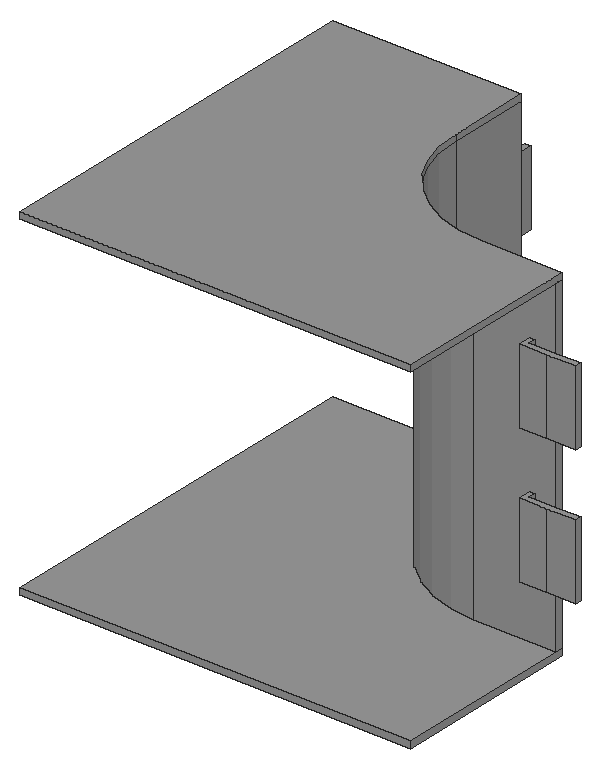
Revit family "Inneneckhaube WDK HI60110RW", category Generic Models, Revit 2017
Family settings
  Can host rebar = No
  Round Connector Dimension = Use Diameter
  Part Type = Normal
  Work Plane-Based = No
  Always vertical = Yes
  Cut with Voids When Loaded = No
  Shared = No
  Room Calculation Point = No
Parameters (values of type "WDK HI60110RW")
  Width = 110 mm
  URL = "http://www.obo-bettermann.com"
  Material = Polyvinylchlorid
  Manufacturer Art.No. = "6192033"
  Manufacturer = "OBO BETTERMANN"
  Height = 60 mm
  GTIN = "4012196362776"
  Article Type = "WDK HI60110RW"
Reference planes
  plane 1 "Center (Front/Back)": y = 0
  plane 2: z = 0
  plane 3 "Center (Left/Right)": x = 0
  plane 4: y = 130
  plane 5: x = 130
  plane 6: z = 114.4
  plane 7: z = 112.2
  plane 8: z = 57.4
  plane 9: y = 130
  plane 10: x = 130
  plane 11: x = 121.3
  plane 12: x = 140
  plane 13: y = 58.1
  plane 14: z = 67.85
  plane 15: z = 46.95
  plane 16: z = 92.85
  plane 17: x = 121.3
  plane 18: x = 140
  plane 19: y = 58.1
  plane 20: x = 140
  plane 21: x = 121.3
  plane 22: through (0, 0, 1200) normal (-0.7071, 0.7071, 0)
  plane 23: y = 121.3
  plane 24: y = 140
  plane 25: x = 58.1
  plane 26: y = 121.466
  plane 27: y = 140.166
  plane 28: x = 58.1
  plane 29: y = 121.3
Forms (mm)
  Extrusion 1, solid, material "Polyvinylchlorid" <- "Material"
    sketch origin (0, 0, 0) x (1, 0, 0) y (0, 1, 0)
      loop
        line (0, 130) -> (0, 0) -> (130, 0) -> (130, 62.7) -> (102.7, 62.7)
        arc (102.7, 62.7) -> (74.416, 74.416) -> (62.7, 102.7) r 40
        line (62.7, 102.7) -> (62.7, 130) -> (0, 130)
    from 112.2 to 114.4
  Extrusion 2, solid, material "Polyvinylchlorid" <- "Material"
    sketch origin (0, 0, -112.2) x (0, -1, 0) y (1, 0, 0)
      loop
        line (-130, 0) -> (0, 0) -> (0, 130) -> (-62.7, 130) -> (-62.7, 102.7)
        arc (-62.7, 102.7) -> (-74.416, 74.416) -> (-102.7, 62.7) r 40
        line (-102.7, 62.7) -> (-130, 62.7) -> (-130, 0)
    from 112.2 to 114.4
  Extrusion 3, solid, material "Polyvinylchlorid" <- "Material"
    sketch origin (0, 0, 0) x (1, 0, 0) y (0, 1, 0)
      loop
        line (62.7, 130) -> (60.5, 130) -> (60.5, 102.7)
        arc (60.5, 102.7) -> (72.86, 72.86) -> (102.7, 60.5) r 42.2
        line (102.7, 60.5) -> (130, 60.5) -> (130, 62.7) -> (102.7, 62.7)
        arc (102.7, 62.7) -> (74.416, 74.416) -> (62.7, 102.7) r 40
        line (62.7, 102.7) -> (62.7, 130)
    from 2.2 to 112.2
  Extrusion 4, solid, material "Polyvinylchlorid" <- "Material"
    sketch origin (0, 0, 0) x (1, 0, 0) y (0, 1, 0)
      loop
        line (130, 58.1) -> (122.986, 58.1) -> (122.986, 60.5) -> (121.3, 60.5) -> (121.3, 56.1) -> (130, 56.1) -> (140, 56.1) -> (140, 58.1) -> (130, 58.1)
    from 67.85 to 92.85
  Extrusion 5, solid, material "Polyvinylchlorid" <- "Material"
    sketch origin (0, 0, -45.9) x (0, -1, 0) y (1, 0, 0)
      loop
        line (-58.1, 130) -> (-58.1, 122.986) -> (-60.5, 122.986) -> (-60.5, 121.3) -> (-56.1, 121.3) -> (-56.1, 130) -> (-56.1, 140) -> (-58.1, 140) -> (-58.1, 130)
    from 67.85 to 92.85
  Extrusion 6, solid, material "Polyvinylchlorid" <- "Material"
    sketch origin (0, 0, 0) x (0, 1, 0) y (-1, 0, 0)
      loop
        line (130, -58.1) -> (140, -58.1) -> (140, -56.1) -> (130, -56.1) -> (121.3, -56.1) -> (121.3, -60.5) -> (122.986, -60.5) -> (122.986, -58.1) -> (130, -58.1)
    from 67.85 to 92.85
  Extrusion 7, solid, material "Polyvinylchlorid" <- "Material"
    sketch origin (0, 0.166, -45.9) x (1, 0, 0) y (0, 1, 0)
      loop
        line (58.1, 130) -> (58.1, 139.834) -> (56.1, 139.834) -> (56.1, 130) -> (56.1, 121.134) -> (60.5, 121.134) -> (60.5, 122.986) -> (58.1, 122.986) -> (58.1, 130)
    from 67.85 to 92.85
Dimensions and locks
  locked: Extrusion 1 sketch curve to Extrusion 1 sketch curve at 130  (x2)
  locked: Extrusion 1 sketch curve to Extrusion 1 sketch curve at 62.7  (x2)
  plane 6 to level = 114.4 mm
  locked: plane 6 to plane 8 at 57
  locked: Extrusion 2 sketch curve to Extrusion 2 sketch curve at 130  (x2)
  locked: Extrusion 2 sketch curve to Extrusion 2 sketch curve at 62.7  (x2)
  locked: Extrusion 3 sketch curve to Extrusion 1 at 2.2
  locked: Extrusion 1 to Extrusion 3 sketch curve at 2.2
  locked: plane 11 to Extrusion 1 at 8.7
  locked: Extrusion 1 to plane 12 at 10
  locked: plane 13 to Extrusion 3 at 2.4
  locked: Extrusion 4 sketch curve to Extrusion 1 at 8.7
  locked: Extrusion 4 sketch curve to Extrusion 4 sketch curve at 18.7
  locked: Extrusion 4 sketch curve to Extrusion 3 at 4.4
  locked: plane 14 to plane 8 at 10.45
  locked: plane 8 to plane 15 at 10.45
  locked: plane 16 to plane 14 at 25
  locked: Extrusion 5 sketch curve to Extrusion 5 sketch curve at 18.7
  locked: Extrusion 6 sketch curve to Extrusion 6 sketch curve at 18.7
  locked: Extrusion 7 sketch curve to Extrusion 7 sketch curve at 18.7
  locked: Extrusion 7 to Extrusion 6 at 20.9
  aligned and locked: level to plane 2
  aligned and locked: plane 1 "Center (Front/Back)" to Extrusion 1
  aligned and locked: Extrusion 1 to plane 3 "Center (Left/Right)"
  aligned and locked: plane 6 to Extrusion 1
  aligned and locked: Extrusion 1 to plane 7
  aligned and locked: plane 1 "Center (Front/Back)" to Extrusion 2
  aligned and locked: Extrusion 2 to level
  aligned and locked: Extrusion 3 sketch curve to Extrusion 1  (x2)
  aligned and locked: Extrusion 1 to Extrusion 3
  aligned and locked: Extrusion 3 to Extrusion 1  (x2)
  aligned and locked: Extrusion 3 to Extrusion 2
  aligned and locked: Extrusion 4 to Extrusion 3
  aligned and locked: Extrusion 4 to plane 14
  aligned and locked: plane 16 to Extrusion 4
  aligned and locked: plane 29 to Extrusion 6
  aligned and locked: Extrusion 7 to Extrusion 6
Automatic sketch dimensions
  Extrusion 5 sketch curve to plane 17 = 0 mm
  Extrusion 5 sketch curve to plane 19 = 0 mm
  plane 19 to Extrusion 5 sketch curve = 2.4 mm
  Extrusion 5 sketch curve to Extrusion 5 sketch curve = 2 mm
  Extrusion 5 sketch curve to Extrusion 5 sketch curve = 1.686 mm
  Extrusion 5 sketch curve to Extrusion 5 sketch curve = 7.014 mm
  Extrusion 5 sketch curve to Extrusion 5 sketch curve = 0 mm
  Extrusion 6 sketch curve to plane 23 = 0 mm
  Extrusion 6 sketch curve to plane 25 = 0 mm
  Extrusion 6 sketch curve to Extrusion 6 sketch curve = 1.686 mm
  Extrusion 6 sketch curve to Extrusion 6 sketch curve = 7.014 mm
  Extrusion 6 sketch curve to Extrusion 6 sketch curve = 0 mm
  plane 25 to Extrusion 6 sketch curve = 2 mm
  Extrusion 6 sketch curve to plane 25 = 2.4 mm
  plane 1 "Center (Front/Back)" to Extrusion 1 sketch curve = 0 mm
  Extrusion 1 sketch curve to plane 3 "Center (Left/Right)" = 0 mm
  Extrusion 1 sketch curve to plane 21 = 18.6 mm
  Extrusion 2 sketch curve to plane 3 "Center (Left/Right)" = 0 mm
  Extrusion 2 sketch curve to plane 9 = 0 mm
  Extrusion 2 sketch curve to plane 21 = 18.6 mm
  Extrusion 3 sketch curve to Extrusion 3 sketch curve = 0 mm  (x2)
  Extrusion 3 sketch curve to Extrusion 3 sketch curve = 2.2 mm
  Extrusion 3 sketch curve to plane 21 = 18.6 mm
  Extrusion 4 sketch curve to plane 13 = 0 mm
  Extrusion 4 sketch curve to Extrusion 4 sketch curve = 1.686 mm
  Extrusion 4 sketch curve to Extrusion 4 sketch curve = 7.014 mm
  Extrusion 4 sketch curve to Extrusion 4 sketch curve = 0 mm
  plane 13 to Extrusion 4 sketch curve = 2.4 mm
  Extrusion 7 sketch curve to plane 27 = 0.166 mm
  Extrusion 7 sketch curve to plane 28 = 0 mm
  Extrusion 7 sketch curve to Extrusion 7 sketch curve = 2 mm
  plane 28 to Extrusion 7 sketch curve = 2.4 mm
  Extrusion 7 sketch curve to Extrusion 7 sketch curve = 1.852 mm
  Extrusion 7 sketch curve to Extrusion 7 sketch curve = 7.014 mm
  Extrusion 7 sketch curve to Extrusion 7 sketch curve = 0 mm
